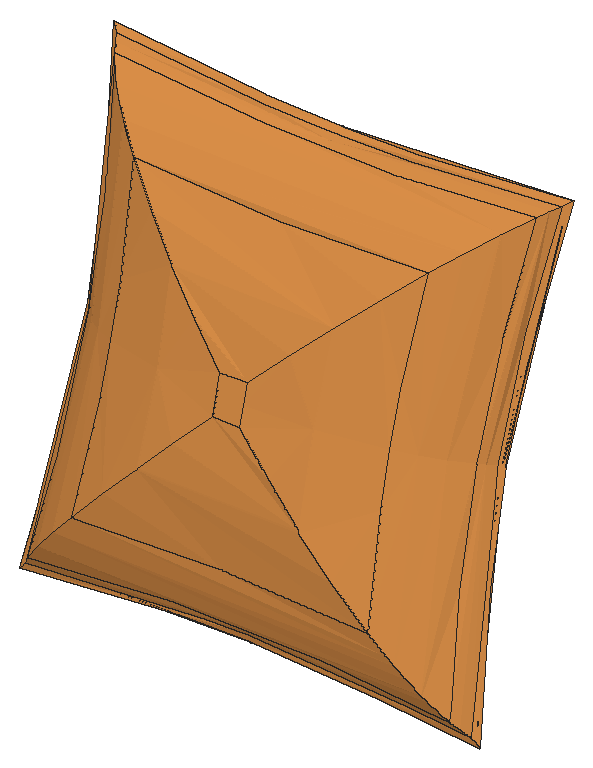
Revit family "Haworth_BuzziSpark_Pillow", category Furniture, Revit 2018
Family settings
  OmniClass Number = 23.40.20.00
  OmniClass Title = General Furniture and Specialties
  Work Plane-Based = No
  Always vertical = Yes
  Cut with Voids When Loaded = No
  Shared = No
  Room Calculation Point = No
Parameters (values of type "HCBZ-SKC")
  Warranty = "http://www.haworth.com/resources/product-info/warranties"
  Version = "1"  # constant formula
  Upholstery Finish [instance] = Haworth _ Fabric _ Trevira Cs_ Orange BCS-4030
  URL - Product = "https://www.haworth.com/products/seating/acoustic-seating/buzzispark"
  URL = "https://www.haworth.com/our-brands/haworth-collection"
  Sustainability Info = "https://www.haworth.com/company-info/sustainability"
  Size = "Verify Final Dim. w/ Haworth"  # constant formula
  Model = "HCBZ-SKC"  # constant formula
  Manufacturer = "Haworth"  # constant formula
  Description = "Haworth - BuzziSpark - Pillow"  # constant formula
  Author = "Haworth (Alias)"  # constant formula
  Assembly Code = "E2020200"
Reference planes (in)
  plane 1: z = 0
  plane 2 "Pillow Angle": through (480, -0.17257, 33.5466) normal (0, 0.9661, -0.2583)
  plane 3 "Center LR": x = 4.84148
  plane 4 "Center FB": y = -2.4663
Forms (in)
  Sweep 1, solid, material "Haworth _ Fabric _ Trevira Cs_ Orange BCS-4030" <- "Upholstery Finish"
    path origin (0, -8.53352, 2.28209) x (0, 0.258348, 0.966052) y (1, 0, 0)
      loop
        arc (31.93126, -2.7921) -> (31.52545, 4.84148) -> (31.93126, 12.47507) r 72
        arc (31.93126, 12.47507) -> (24.36431, 11.83291) -> (16.79736, 12.47507) r 44.90441
        arc (16.79736, 12.47507) -> (17.20317, 4.84148) -> (16.79736, -2.7921) r 72
        arc (16.79736, -2.7921) -> (24.36431, -2.14995) -> (31.93126, -2.7921) r 44.90441
    profile origin (4.84148, -0.389, 32.73732) x (0, -0.258348, -0.966052) y (0, 0.966052, -0.258348)
      loop
        arc (-0.11087, -0.12452) -> (0.04043, -0.39482) -> (0.22094, -0.64654) r 2.77099
        arc (0.22094, -0.64654) -> (1.08156, -1.48493) -> (2.11734, -2.09381) r 5
        arc (2.11734, -2.09381) -> (4.26672, -2.77816) -> (6.51051, -3.00952) r 10.99609
        line (6.51051, -3.00952) -> (6.66407, -3.00952) -> (6.66407, 3.00952) -> (6.51051, 3.00952)
        arc (6.51051, 3.00952) -> (4.26672, 2.77816) -> (2.11734, 2.09381) r 10.99609
        arc (2.11734, 2.09381) -> (1.08156, 1.48493) -> (0.22094, 0.64654) r 5
        arc (0.22094, 0.64654) -> (0.03795, 0.39092) -> (-0.1149, 0.11622) r 2.77099
        line (-0.1149, 0.11622) -> (-0.3263, 0) -> (-0.11087, -0.12452)
  Extrusion 2, solid, material "Haworth _ Fabric _ Trevira Cs_ Orange BCS-4030" <- "Upholstery Finish"
    sketch origin (0, -8.53352, 2.28209) x (0, 0.258348, 0.966052) y (1, 0, 0)
      loop
        arc (24.86207, 4.51172) -> (24.86138, 4.84148) -> (24.86207, 5.17124) r 78.66407
        arc (24.86207, 5.17124) -> (24.36431, 5.16884) -> (23.86655, 5.17124) r 51.56848
        arc (23.86655, 5.17124) -> (23.86724, 4.84148) -> (23.86655, 4.51172) r 78.66407
        arc (23.86655, 4.51172) -> (24.36431, 4.51412) -> (24.86207, 4.51172) r 51.56848
    from -3.00952 to 3.00952
Cuts and joins
  joined: Sweep 1, Extrusion 2
Lines and regions (in)
  Masking region 1
    outline origin (0, 0, 0) x (1, 0, 0) y (0, 1, 0)
      loop
        arc (-2.81581, -0.56894) -> (-2.38548, -2.43532) -> (-3.02702, -4.24003) r 3.4169
        arc (-3.02702, -4.24003) -> (-3.09643, -4.68985) -> (-2.77249, -5.00956) r 0.5
        arc (-2.77249, -5.00956) -> (4.83611, -6.17839) -> (12.44128, -4.98743) r 25.11119
        arc (12.44128, -4.98743) -> (12.76353, -4.66908) -> (12.69641, -4.2211) r 0.5
        arc (12.69641, -4.2211) -> (12.0684, -2.43463) -> (12.48813, -0.5881) r 3.4169
        arc (12.48813, -0.5881) -> (12.514, -0.15932) -> (12.19767, 0.1313) r 0.5
        arc (12.19767, 0.1313) -> (4.83778, 1.24579) -> (-2.52546, 0.1537) r 25.11119
        arc (-2.52546, 0.1537) -> (-2.84356, -0.13814) -> (-2.81581, -0.56894) r 0.5
Dimensions and locks (in)
  aligned and locked: level to plane 1
